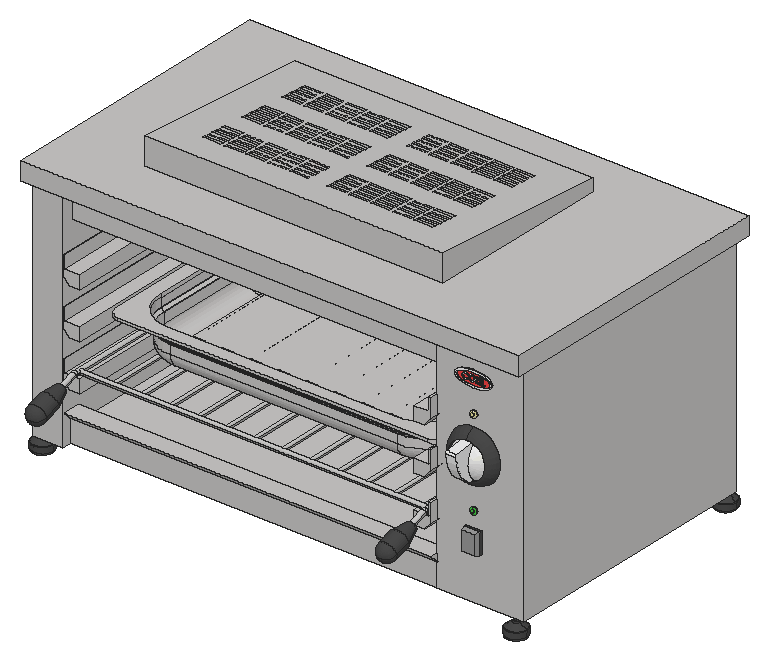
Revit family "QF_COZIL_SLEC-80", category Equipamento especial, Revit 2020
Family settings
  Cota do conector redondo = Utilizar diâmetro
  Tipo de parte = Normal
  Número OmniClass = 23.40.40.14.17.11
  Título OmniClass = Cookers, Ovens, Stoves
  Com base no plano de trabalho = Não
  Sempre na vertical = Sim
  Corte com vazios quando carregada = Não
  Compartilhado = Não
  Ponto de cálculo do ambiente = Não
Parameters (values of type "SLEC-80")
  Weight [instance] = 20.00 kg
  Watts [instance] = 1000 W
  Volts [instance] = 220 V
  URL = "https://cozil.com.br/"
  Modelo = "SLEC-80"
  Fabricante = "COZIL"
  Elevação padrão = 0 mm
  Descrição = "SALAMANDRA ELETRICA COZIL MED.:800X450X400 POTENCIA 1700W - 220V- MONOFASICO"
  Consumption in kW/h = "1.0 kW/h"
  Type Comments = ""
  Specification by User [instance] = ""
  Specification by Manufacturer [instance] = ""
  Show Logo [instance] = yes
  Show Clearances [instance] = yes
  Serial Number [instance] = ""
  Seismic Rating [instance] = ""
  SMACNA No [instance] = ""
  Revision Code [instance] = ""
  Phase [instance] = 2
  Operational Current [instance] = 11.6 A
  NAFEM Spec ID Number [instance] = ""
  Masterspec [instance] = ""
  Length Actual [instance] = 800 mm
  Item Number [instance] = ""
  Installed By [instance] = ""
  Ingress Protection Code [instance] = "IPX4"
  Identify Quantity as Lot [instance] = yes
  Height Actual [instance] = 460 mm
  Foodservice Equipment Identifier [instance] = yes
  Elec Conn Connection Height [instance] = 0 mm
  Depth Actual [instance] = 450 mm
  Cycle [instance] = 60 Hz
  Capacity = "GN 1/1"
  Accessory [instance] = yes
Reference planes
  plane 1 "Centro (Frontal/Traseira)": y = 0
  plane 2: z = 0
  plane 3 "Centro (Esquerda/Direita)": x = 0
  plane 4: y = -74
  plane 5: x = 800
  plane 6: y = -460
  plane 7: x = 131.242
  plane 8: x = 609.242
  plane 9: y = -374
  plane 10: z = 20
  plane 11: z = 460
  plane 12: z = 416.366
  plane 13: x = 60
  plane 14: x = 650
  plane 15: x = 355
  plane 16: y = -20
  plane 17: y = -440
  plane 18: x = 20
  plane 19: x = 780
  plane 20: x = 789
  plane 21: x = 11
Forms (mm)
  Extrusion 1, solid, material "QF_Metal_Stainless Steel"
    sketch origin (0, 0, 0) x (0, 1, 0) y (0, 0, 1)
      loop
        line (0, 386.366) -> (0, 416.366) -> (-460, 416.366) -> (-460, 386.366) -> (0, 386.366)
    from 0 to 800
  Extrusion 2, solid, material "QF_Metal_Stainless Steel"
    sketch origin (0, 0, 0) x (0, 1, 0) y (0, 0, 1)
      loop
        line (-11, 20) -> (-11, 386.366) -> (-449, 386.366) -> (-449, 20) -> (-11, 20)
    from 11 to 60
  Extrusion 3, solid, material "QF_Metal_Stainless Steel"
    sketch origin (60, 0, 0) x (0, 1, 0) y (0, 0, 1)
      loop
        line (-11, 386.366) -> (-432, 386.366) -> (-432, 341.366) -> (-11, 341.366) -> (-11, 386.366)
    from 0 to 590
  Extrusion 4, solid, material "QF_Metal_Stainless Steel"
    sketch origin (650, 0, 0) x (0, 1, 0) y (0, 0, 1)
      loop
        line (-11, 386.366) -> (-437, 386.366) -> (-437, 20) -> (-11, 20) -> (-11, 386.366)
    from 0 to 139
  Extrusion 5, solid, material "QF_Metal_Stainless Steel"
    sketch origin (60, 0, 0) x (0, 1, 0) y (0, 0, 1)
      loop
        line (-435, 20) -> (-75, 20) -> (-75, 45) -> (-420, 45) -> (-420, 70) -> (-449, 70) -> (-435, 56) -> (-435, 20)
    from 0 to 590
  Extrusion 6, solid, material "QF_Metal_Stainless Steel"
    sketch origin (650, 0, 0) x (0, -1, 0) y (0, 0, 1)
      loop
        line (11, 20) -> (75, 20) -> (75, 341.366) -> (11, 341.366) -> (11, 20)
    from 0 to 590
  Extrusion 7, solid, material "QF_Metal_Stainless Steel"
    sketch origin (650, -75, 20) x (0, 0, 1) y (-1, 0, 0)
      loop
        line (278.266, 590) -> (248.128, 590) -> (236.266, 580.046) -> (236.266, 563) -> (258.266, 563) -> (258.266, 587) -> (278.266, 587) -> (278.266, 590)
      loop
        line (203.266, 590) -> (173.128, 590) -> (161.266, 580.046) -> (161.266, 563) -> (183.266, 563) -> (183.266, 587) -> (203.266, 587) -> (203.266, 590)
      loop
        line (128.266, 590) -> (98.128, 590) -> (86.266, 580.046) -> (86.266, 563) -> (108.266, 563) -> (108.266, 587) -> (128.266, 587) -> (128.266, 590)
      loop
        line (278.266, 0) -> (278.266, 3) -> (258.266, 3) -> (258.266, 27) -> (236.266, 27) -> (236.266, 9.954) -> (248.128, 0) -> (278.266, 0)
      loop
        line (203.266, 0) -> (203.266, 3) -> (183.266, 3) -> (183.266, 27) -> (161.266, 27) -> (161.266, 9.954) -> (173.128, 0) -> (203.266, 0)
      loop
        line (128.266, 0) -> (128.266, 3) -> (108.266, 3) -> (108.266, 27) -> (86.266, 27) -> (86.266, 9.954) -> (98.128, 0) -> (128.266, 0)
    from 0 to 374
  Extrusion 8, solid, material "QF_Metal_Stainless Steel"
    sketch origin (0, 0, 0) x (0, 1, 0) y (0, 0, 1)
      loop
        line (-374, 416.366) -> (-74, 416.366) -> (-74, 436.366) -> (-374, 460) -> (-374, 416.366)
    from 131.242 to 609.242
  Extrusion 9, void
    sketch origin (0, -460, 416.366) x (0, 1, 0) y (-1, 0, 0)
      loop
        line (338.5, -185.242) -> (333.5, -185.242) -> (333.5, -215.242) -> (338.5, -215.242) -> (338.5, -185.242)
      loop
        line (338.5, -220.242) -> (333.5, -220.242) -> (333.5, -250.242) -> (338.5, -250.242) -> (338.5, -220.242)
      loop
        line (338.5, -255.242) -> (333.5, -255.242) -> (333.5, -285.242) -> (338.5, -285.242) -> (338.5, -255.242)
      loop
        line (338.5, -290.242) -> (333.5, -290.242) -> (333.5, -320.242) -> (338.5, -320.242) -> (338.5, -290.242)
      loop
        line (338.5, -325.242) -> (333.5, -325.242) -> (333.5, -355.242) -> (338.5, -355.242) -> (338.5, -325.242)
      loop
        line (328.5, -185.242) -> (323.5, -185.242) -> (323.5, -215.242) -> (328.5, -215.242) -> (328.5, -185.242)
      loop
        line (328.5, -220.242) -> (323.5, -220.242) -> (323.5, -250.242) -> (328.5, -250.242) -> (328.5, -220.242)
      loop
        line (328.5, -255.242) -> (323.5, -255.242) -> (323.5, -285.242) -> (328.5, -285.242) -> (328.5, -255.242)
      loop
        line (328.5, -290.242) -> (323.5, -290.242) -> (323.5, -320.242) -> (328.5, -320.242) -> (328.5, -290.242)
      loop
        line (328.5, -325.242) -> (323.5, -325.242) -> (323.5, -355.242) -> (328.5, -355.242) -> (328.5, -325.242)
      loop
        line (318.5, -185.242) -> (313.5, -185.242) -> (313.5, -215.242) -> (318.5, -215.242) -> (318.5, -185.242)
      loop
        line (318.5, -220.242) -> (313.5, -220.242) -> (313.5, -250.242) -> (318.5, -250.242) -> (318.5, -220.242)
      loop
        line (318.5, -255.242) -> (313.5, -255.242) -> (313.5, -285.242) -> (318.5, -285.242) -> (318.5, -255.242)
      loop
        line (318.5, -290.242) -> (313.5, -290.242) -> (313.5, -320.242) -> (318.5, -320.242) -> (318.5, -290.242)
      loop
        line (318.5, -325.242) -> (313.5, -325.242) -> (313.5, -355.242) -> (318.5, -355.242) -> (318.5, -325.242)
      loop
        line (308.5, -185.242) -> (303.5, -185.242) -> (303.5, -215.242) -> (308.5, -215.242) -> (308.5, -185.242)
      loop
        line (308.5, -220.242) -> (303.5, -220.242) -> (303.5, -250.242) -> (308.5, -250.242) -> (308.5, -220.242)
      loop
        line (308.5, -255.242) -> (303.5, -255.242) -> (303.5, -285.242) -> (308.5, -285.242) -> (308.5, -255.242)
      loop
        line (308.5, -290.242) -> (303.5, -290.242) -> (303.5, -320.242) -> (308.5, -320.242) -> (308.5, -290.242)
      loop
        line (308.5, -325.242) -> (303.5, -325.242) -> (303.5, -355.242) -> (308.5, -355.242) -> (308.5, -325.242)
      loop
        line (298.5, -185.242) -> (293.5, -185.242) -> (293.5, -215.242) -> (298.5, -215.242) -> (298.5, -185.242)
      loop
        line (298.5, -220.242) -> (293.5, -220.242) -> (293.5, -250.242) -> (298.5, -250.242) -> (298.5, -220.242)
      loop
        line (298.5, -255.242) -> (293.5, -255.242) -> (293.5, -285.242) -> (298.5, -285.242) -> (298.5, -255.242)
      loop
        line (298.5, -290.242) -> (293.5, -290.242) -> (293.5, -320.242) -> (298.5, -320.242) -> (298.5, -290.242)
      loop
        line (298.5, -325.242) -> (293.5, -325.242) -> (293.5, -355.242) -> (298.5, -355.242) -> (298.5, -325.242)
      loop
        line (338.5, -385.242) -> (333.5, -385.242) -> (333.5, -415.242) -> (338.5, -415.242) -> (338.5, -385.242)
      loop
        line (338.5, -420.242) -> (333.5, -420.242) -> (333.5, -450.242) -> (338.5, -450.242) -> (338.5, -420.242)
      loop
        line (338.5, -455.242) -> (333.5, -455.242) -> (333.5, -485.242) -> (338.5, -485.242) -> (338.5, -455.242)
      loop
        line (338.5, -490.242) -> (333.5, -490.242) -> (333.5, -520.242) -> (338.5, -520.242) -> (338.5, -490.242)
      loop
        line (338.5, -525.242) -> (333.5, -525.242) -> (333.5, -555.242) -> (338.5, -555.242) -> (338.5, -525.242)
      loop
        line (328.5, -385.242) -> (323.5, -385.242) -> (323.5, -415.242) -> (328.5, -415.242) -> (328.5, -385.242)
      loop
        line (328.5, -420.242) -> (323.5, -420.242) -> (323.5, -450.242) -> (328.5, -450.242) -> (328.5, -420.242)
      loop
        line (328.5, -455.242) -> (323.5, -455.242) -> (323.5, -485.242) -> (328.5, -485.242) -> (328.5, -455.242)
      loop
        line (328.5, -490.242) -> (323.5, -490.242) -> (323.5, -520.242) -> (328.5, -520.242) -> (328.5, -490.242)
      loop
        line (328.5, -525.242) -> (323.5, -525.242) -> (323.5, -555.242) -> (328.5, -555.242) -> (328.5, -525.242)
      loop
        line (318.5, -385.242) -> (313.5, -385.242) -> (313.5, -415.242) -> (318.5, -415.242) -> (318.5, -385.242)
      loop
        line (318.5, -420.242) -> (313.5, -420.242) -> (313.5, -450.242) -> (318.5, -450.242) -> (318.5, -420.242)
      loop
        line (318.5, -455.242) -> (313.5, -455.242) -> (313.5, -485.242) -> (318.5, -485.242) -> (318.5, -455.242)
      loop
        line (318.5, -490.242) -> (313.5, -490.242) -> (313.5, -520.242) -> (318.5, -520.242) -> (318.5, -490.242)
      loop
        line (318.5, -525.242) -> (313.5, -525.242) -> (313.5, -555.242) -> (318.5, -555.242) -> (318.5, -525.242)
      loop
        line (308.5, -385.242) -> (303.5, -385.242) -> (303.5, -415.242) -> (308.5, -415.242) -> (308.5, -385.242)
      loop
        line (308.5, -420.242) -> (303.5, -420.242) -> (303.5, -450.242) -> (308.5, -450.242) -> (308.5, -420.242)
      loop
        line (308.5, -455.242) -> (303.5, -455.242) -> (303.5, -485.242) -> (308.5, -485.242) -> (308.5, -455.242)
      loop
        line (308.5, -490.242) -> (303.5, -490.242) -> (303.5, -520.242) -> (308.5, -520.242) -> (308.5, -490.242)
      loop
        line (308.5, -525.242) -> (303.5, -525.242) -> (303.5, -555.242) -> (308.5, -555.242) -> (308.5, -525.242)
      loop
        line (298.5, -385.242) -> (293.5, -385.242) -> (293.5, -415.242) -> (298.5, -415.242) -> (298.5, -385.242)
      loop
        line (298.5, -420.242) -> (293.5, -420.242) -> (293.5, -450.242) -> (298.5, -450.242) -> (298.5, -420.242)
      loop
        line (298.5, -455.242) -> (293.5, -455.242) -> (293.5, -485.242) -> (298.5, -485.242) -> (298.5, -455.242)
      loop
        line (298.5, -490.242) -> (293.5, -490.242) -> (293.5, -520.242) -> (298.5, -520.242) -> (298.5, -490.242)
      loop
        line (298.5, -525.242) -> (293.5, -525.242) -> (293.5, -555.242) -> (298.5, -555.242) -> (298.5, -525.242)
      loop
        line (258.5, -185.242) -> (253.5, -185.242) -> (253.5, -215.242) -> (258.5, -215.242) -> (258.5, -185.242)
      loop
        line (258.5, -220.242) -> (253.5, -220.242) -> (253.5, -250.242) -> (258.5, -250.242) -> (258.5, -220.242)
      loop
        line (258.5, -255.242) -> (253.5, -255.242) -> (253.5, -285.242) -> (258.5, -285.242) -> (258.5, -255.242)
      loop
        line (258.5, -290.242) -> (253.5, -290.242) -> (253.5, -320.242) -> (258.5, -320.242) -> (258.5, -290.242)
      loop
        line (258.5, -325.242) -> (253.5, -325.242) -> (253.5, -355.242) -> (258.5, -355.242) -> (258.5, -325.242)
      loop
        line (248.5, -185.242) -> (243.5, -185.242) -> (243.5, -215.242) -> (248.5, -215.242) -> (248.5, -185.242)
      loop
        line (248.5, -220.242) -> (243.5, -220.242) -> (243.5, -250.242) -> (248.5, -250.242) -> (248.5, -220.242)
      loop
        line (248.5, -255.242) -> (243.5, -255.242) -> (243.5, -285.242) -> (248.5, -285.242) -> (248.5, -255.242)
      loop
        line (248.5, -290.242) -> (243.5, -290.242) -> (243.5, -320.242) -> (248.5, -320.242) -> (248.5, -290.242)
      loop
        line (248.5, -325.242) -> (243.5, -325.242) -> (243.5, -355.242) -> (248.5, -355.242) -> (248.5, -325.242)
      loop
        line (238.5, -185.242) -> (233.5, -185.242) -> (233.5, -215.242) -> (238.5, -215.242) -> (238.5, -185.242)
      loop
        line (238.5, -220.242) -> (233.5, -220.242) -> (233.5, -250.242) -> (238.5, -250.242) -> (238.5, -220.242)
      loop
        line (238.5, -255.242) -> (233.5, -255.242) -> (233.5, -285.242) -> (238.5, -285.242) -> (238.5, -255.242)
      loop
        line (238.5, -290.242) -> (233.5, -290.242) -> (233.5, -320.242) -> (238.5, -320.242) -> (238.5, -290.242)
      loop
        line (238.5, -325.242) -> (233.5, -325.242) -> (233.5, -355.242) -> (238.5, -355.242) -> (238.5, -325.242)
      loop
        line (228.5, -185.242) -> (223.5, -185.242) -> (223.5, -215.242) -> (228.5, -215.242) -> (228.5, -185.242)
      loop
        line (228.5, -220.242) -> (223.5, -220.242) -> (223.5, -250.242) -> (228.5, -250.242) -> (228.5, -220.242)
      loop
        line (228.5, -255.242) -> (223.5, -255.242) -> (223.5, -285.242) -> (228.5, -285.242) -> (228.5, -255.242)
      loop
        line (228.5, -290.242) -> (223.5, -290.242) -> (223.5, -320.242) -> (228.5, -320.242) -> (228.5, -290.242)
      loop
        line (228.5, -325.242) -> (223.5, -325.242) -> (223.5, -355.242) -> (228.5, -355.242) -> (228.5, -325.242)
      loop
        line (218.5, -185.242) -> (213.5, -185.242) -> (213.5, -215.242) -> (218.5, -215.242) -> (218.5, -185.242)
      loop
        line (218.5, -220.242) -> (213.5, -220.242) -> (213.5, -250.242) -> (218.5, -250.242) -> (218.5, -220.242)
      loop
        line (218.5, -255.242) -> (213.5, -255.242) -> (213.5, -285.242) -> (218.5, -285.242) -> (218.5, -255.242)
      loop
        line (218.5, -290.242) -> (213.5, -290.242) -> (213.5, -320.242) -> (218.5, -320.242) -> (218.5, -290.242)
      loop
        line (218.5, -325.242) -> (213.5, -325.242) -> (213.5, -355.242) -> (218.5, -355.242) -> (218.5, -325.242)
      loop
        line (258.5, -385.242) -> (253.5, -385.242) -> (253.5, -415.242) -> (258.5, -415.242) -> (258.5, -385.242)
      loop
        line (258.5, -420.242) -> (253.5, -420.242) -> (253.5, -450.242) -> (258.5, -450.242) -> (258.5, -420.242)
      loop
        line (258.5, -455.242) -> (253.5, -455.242) -> (253.5, -485.242) -> (258.5, -485.242) -> (258.5, -455.242)
      loop
        line (258.5, -490.242) -> (253.5, -490.242) -> (253.5, -520.242) -> (258.5, -520.242) -> (258.5, -490.242)
      loop
        line (258.5, -525.242) -> (253.5, -525.242) -> (253.5, -555.242) -> (258.5, -555.242) -> (258.5, -525.242)
      loop
        line (248.5, -385.242) -> (243.5, -385.242) -> (243.5, -415.242) -> (248.5, -415.242) -> (248.5, -385.242)
      loop
        line (248.5, -420.242) -> (243.5, -420.242) -> (243.5, -450.242) -> (248.5, -450.242) -> (248.5, -420.242)
      loop
        line (248.5, -455.242) -> (243.5, -455.242) -> (243.5, -485.242) -> (248.5, -485.242) -> (248.5, -455.242)
      loop
        line (248.5, -490.242) -> (243.5, -490.242) -> (243.5, -520.242) -> (248.5, -520.242) -> (248.5, -490.242)
      loop
        line (248.5, -525.242) -> (243.5, -525.242) -> (243.5, -555.242) -> (248.5, -555.242) -> (248.5, -525.242)
      loop
        line (238.5, -385.242) -> (233.5, -385.242) -> (233.5, -415.242) -> (238.5, -415.242) -> (238.5, -385.242)
      loop
        line (238.5, -420.242) -> (233.5, -420.242) -> (233.5, -450.242) -> (238.5, -450.242) -> (238.5, -420.242)
      loop
        line (238.5, -455.242) -> (233.5, -455.242) -> (233.5, -485.242) -> (238.5, -485.242) -> (238.5, -455.242)
      loop
        line (238.5, -490.242) -> (233.5, -490.242) -> (233.5, -520.242) -> (238.5, -520.242) -> (238.5, -490.242)
      loop
        line (238.5, -525.242) -> (233.5, -525.242) -> (233.5, -555.242) -> (238.5, -555.242) -> (238.5, -525.242)
      loop
        line (228.5, -385.242) -> (223.5, -385.242) -> (223.5, -415.242) -> (228.5, -415.242) -> (228.5, -385.242)
      loop
        line (228.5, -420.242) -> (223.5, -420.242) -> (223.5, -450.242) -> (228.5, -450.242) -> (228.5, -420.242)
      loop
        line (228.5, -455.242) -> (223.5, -455.242) -> (223.5, -485.242) -> (228.5, -485.242) -> (228.5, -455.242)
      loop
        line (228.5, -490.242) -> (223.5, -490.242) -> (223.5, -520.242) -> (228.5, -520.242) -> (228.5, -490.242)
      loop
        line (228.5, -525.242) -> (223.5, -525.242) -> (223.5, -555.242) -> (228.5, -555.242) -> (228.5, -525.242)
      loop
        line (218.5, -385.242) -> (213.5, -385.242) -> (213.5, -415.242) -> (218.5, -415.242) -> (218.5, -385.242)
      loop
        line (218.5, -420.242) -> (213.5, -420.242) -> (213.5, -450.242) -> (218.5, -450.242) -> (218.5, -420.242)
      loop
        line (218.5, -455.242) -> (213.5, -455.242) -> (213.5, -485.242) -> (218.5, -485.242) -> (218.5, -455.242)
      loop
        line (218.5, -490.242) -> (213.5, -490.242) -> (213.5, -520.242) -> (218.5, -520.242) -> (218.5, -490.242)
      loop
        line (218.5, -525.242) -> (213.5, -525.242) -> (213.5, -555.242) -> (218.5, -555.242) -> (218.5, -525.242)
      loop
        line (178.5, -185.242) -> (173.5, -185.242) -> (173.5, -215.242) -> (178.5, -215.242) -> (178.5, -185.242)
      loop
        line (178.5, -220.242) -> (173.5, -220.242) -> (173.5, -250.242) -> (178.5, -250.242) -> (178.5, -220.242)
      loop
        line (178.5, -255.242) -> (173.5, -255.242) -> (173.5, -285.242) -> (178.5, -285.242) -> (178.5, -255.242)
      loop
        line (178.5, -290.242) -> (173.5, -290.242) -> (173.5, -320.242) -> (178.5, -320.242) -> (178.5, -290.242)
      loop
        line (178.5, -325.242) -> (173.5, -325.242) -> (173.5, -355.242) -> (178.5, -355.242) -> (178.5, -325.242)
      loop
        line (168.5, -185.242) -> (163.5, -185.242) -> (163.5, -215.242) -> (168.5, -215.242) -> (168.5, -185.242)
      loop
        line (168.5, -220.242) -> (163.5, -220.242) -> (163.5, -250.242) -> (168.5, -250.242) -> (168.5, -220.242)
      loop
        line (168.5, -255.242) -> (163.5, -255.242) -> (163.5, -285.242) -> (168.5, -285.242) -> (168.5, -255.242)
      loop
        line (168.5, -290.242) -> (163.5, -290.242) -> (163.5, -320.242) -> (168.5, -320.242) -> (168.5, -290.242)
      loop
        line (168.5, -325.242) -> (163.5, -325.242) -> (163.5, -355.242) -> (168.5, -355.242) -> (168.5, -325.242)
      loop
        line (158.5, -185.242) -> (153.5, -185.242) -> (153.5, -215.242) -> (158.5, -215.242) -> (158.5, -185.242)
      loop
        line (158.5, -220.242) -> (153.5, -220.242) -> (153.5, -250.242) -> (158.5, -250.242) -> (158.5, -220.242)
      loop
        line (158.5, -255.242) -> (153.5, -255.242) -> (153.5, -285.242) -> (158.5, -285.242) -> (158.5, -255.242)
      loop
        line (158.5, -290.242) -> (153.5, -290.242) -> (153.5, -320.242) -> (158.5, -320.242) -> (158.5, -290.242)
      loop
        line (158.5, -325.242) -> (153.5, -325.242) -> (153.5, -355.242) -> (158.5, -355.242) -> (158.5, -325.242)
      loop
        line (148.5, -185.242) -> (143.5, -185.242) -> (143.5, -215.242) -> (148.5, -215.242) -> (148.5, -185.242)
      loop
        line (148.5, -220.242) -> (143.5, -220.242) -> (143.5, -250.242) -> (148.5, -250.242) -> (148.5, -220.242)
      loop
        line (148.5, -255.242) -> (143.5, -255.242) -> (143.5, -285.242) -> (148.5, -285.242) -> (148.5, -255.242)
      loop
        line (148.5, -290.242) -> (143.5, -290.242) -> (143.5, -320.242) -> (148.5, -320.242) -> (148.5, -290.242)
      loop
        line (148.5, -325.242) -> (143.5, -325.242) -> (143.5, -355.242) -> (148.5, -355.242) -> (148.5, -325.242)
      loop
        line (138.5, -185.242) -> (133.5, -185.242) -> (133.5, -215.242) -> (138.5, -215.242) -> (138.5, -185.242)
      loop
        line (138.5, -220.242) -> (133.5, -220.242) -> (133.5, -250.242) -> (138.5, -250.242) -> (138.5, -220.242)
      loop
        line (138.5, -255.242) -> (133.5, -255.242) -> (133.5, -285.242) -> (138.5, -285.242) -> (138.5, -255.242)
      loop
        line (138.5, -290.242) -> (133.5, -290.242) -> (133.5, -320.242) -> (138.5, -320.242) -> (138.5, -290.242)
      loop
        line (138.5, -325.242) -> (133.5, -325.242) -> (133.5, -355.242) -> (138.5, -355.242) -> (138.5, -325.242)
      loop
        line (178.5, -385.242) -> (173.5, -385.242) -> (173.5, -415.242) -> (178.5, -415.242) -> (178.5, -385.242)
      loop
        line (178.5, -420.242) -> (173.5, -420.242) -> (173.5, -450.242) -> (178.5, -450.242) -> (178.5, -420.242)
      loop
        line (178.5, -455.242) -> (173.5, -455.242) -> (173.5, -485.242) -> (178.5, -485.242) -> (178.5, -455.242)
      loop
        line (178.5, -490.242) -> (173.5, -490.242) -> (173.5, -520.242) -> (178.5, -520.242) -> (178.5, -490.242)
      loop
        line (178.5, -525.242) -> (173.5, -525.242) -> (173.5, -555.242) -> (178.5, -555.242) -> (178.5, -525.242)
      loop
        line (168.5, -385.242) -> (163.5, -385.242) -> (163.5, -415.242) -> (168.5, -415.242) -> (168.5, -385.242)
      loop
        line (168.5, -420.242) -> (163.5, -420.242) -> (163.5, -450.242) -> (168.5, -450.242) -> (168.5, -420.242)
      loop
        line (168.5, -455.242) -> (163.5, -455.242) -> (163.5, -485.242) -> (168.5, -485.242) -> (168.5, -455.242)
      loop
        line (168.5, -490.242) -> (163.5, -490.242) -> (163.5, -520.242) -> (168.5, -520.242) -> (168.5, -490.242)
      loop
        line (168.5, -525.242) -> (163.5, -525.242) -> (163.5, -555.242) -> (168.5, -555.242) -> (168.5, -525.242)
      loop
        line (158.5, -385.242) -> (153.5, -385.242) -> (153.5, -415.242) -> (158.5, -415.242) -> (158.5, -385.242)
      loop
        line (158.5, -420.242) -> (153.5, -420.242) -> (153.5, -450.242) -> (158.5, -450.242) -> (158.5, -420.242)
      loop
        line (158.5, -455.242) -> (153.5, -455.242) -> (153.5, -485.242) -> (158.5, -485.242) -> (158.5, -455.242)
      loop
        line (158.5, -490.242) -> (153.5, -490.242) -> (153.5, -520.242) -> (158.5, -520.242) -> (158.5, -490.242)
      loop
        line (158.5, -525.242) -> (153.5, -525.242) -> (153.5, -555.242) -> (158.5, -555.242) -> (158.5, -525.242)
      loop
        line (148.5, -385.242) -> (143.5, -385.242) -> (143.5, -415.242) -> (148.5, -415.242) -> (148.5, -385.242)
      loop
        line (148.5, -420.242) -> (143.5, -420.242) -> (143.5, -450.242) -> (148.5, -450.242) -> (148.5, -420.242)
      loop
        line (148.5, -455.242) -> (143.5, -455.242) -> (143.5, -485.242) -> (148.5, -485.242) -> (148.5, -455.242)
      loop
        line (148.5, -490.242) -> (143.5, -490.242) -> (143.5, -520.242) -> (148.5, -520.242) -> (148.5, -490.242)
      loop
        line (148.5, -525.242) -> (143.5, -525.242) -> (143.5, -555.242) -> (148.5, -555.242) -> (148.5, -525.242)
      loop
        line (138.5, -385.242) -> (133.5, -385.242) -> (133.5, -415.242) -> (138.5, -415.242) -> (138.5, -385.242)
      loop
        line (138.5, -420.242) -> (133.5, -420.242) -> (133.5, -450.242) -> (138.5, -450.242) -> (138.5, -420.242)
      loop
        line (138.5, -455.242) -> (133.5, -455.242) -> (133.5, -485.242) -> (138.5, -485.242) -> (138.5, -455.242)
      loop
        line (138.5, -490.242) -> (133.5, -490.242) -> (133.5, -520.242) -> (138.5, -520.242) -> (138.5, -490.242)
      loop
        line (138.5, -525.242) -> (133.5, -525.242) -> (133.5, -555.242) -> (138.5, -555.242) -> (138.5, -525.242)
    from 0 to 43.634
  Extrusion 10, solid, material "QF_Metal_Stainless Steel"
    sketch origin (0, -11, 386.366) x (0, 0, -1) y (-1, 0, 0)
      loop
        circle (297.166, -734) r 9.525
    from 0 to 6.35
Cuts and joins
  joined: Extrusion 2, Extrusion 3, Extrusion 4, Extrusion 6
  Extrusion 9 cuts Extrusion 8
  joined: Extrusion 1, Extrusion 8
Lines and regions (mm)
  symbolic lines
    curve 1: line (0, 0, 0) -> (800, 0, 0)
    curve 2: line (0, -460, 0) -> (0, 0, 0)
    curve 3: line (800, -460, 0) -> (0, -460, 0)
    curve 4: line (800, 0, 0) -> (800, -460, 0)
    curve 5: line (131.242, -74, 0) -> (609.242, -74, 0)
    curve 6: line (131.242, -374, 0) -> (131.242, -74, 0)
    curve 7: line (609.242, -374, 0) -> (131.242, -374, 0)
    curve 8: line (609.242, -74, 0) -> (609.242, -374, 0)
    curve 9: line (185.242, -121.5, 0) -> (215.242, -121.5, 0)
    curve 10: line (185.242, -126.5, 0) -> (185.242, -121.5, 0)
    curve 11: line (215.242, -126.5, 0) -> (185.242, -126.5, 0)
    curve 12: line (215.242, -121.5, 0) -> (215.242, -126.5, 0)
    curve 13: line (220.242, -121.5, 0) -> (250.242, -121.5, 0)
    curve 14: line (220.242, -126.5, 0) -> (220.242, -121.5, 0)
    curve 15: line (250.242, -126.5, 0) -> (220.242, -126.5, 0)
    curve 16: line (250.242, -121.5, 0) -> (250.242, -126.5, 0)
    curve 17: line (255.242, -121.5, 0) -> (285.242, -121.5, 0)
    curve 18: line (255.242, -126.5, 0) -> (255.242, -121.5, 0)
    curve 19: line (285.242, -126.5, 0) -> (255.242, -126.5, 0)
    curve 20: line (285.242, -121.5, 0) -> (285.242, -126.5, 0)
    curve 21: line (290.242, -121.5, 0) -> (320.242, -121.5, 0)
    curve 22: line (290.242, -126.5, 0) -> (290.242, -121.5, 0)
    curve 23: line (320.242, -126.5, 0) -> (290.242, -126.5, 0)
    curve 24: line (320.242, -121.5, 0) -> (320.242, -126.5, 0)
    curve 25: line (325.242, -121.5, 0) -> (355.242, -121.5, 0)
    curve 26: line (325.242, -126.5, 0) -> (325.242, -121.5, 0)
    curve 27: line (355.242, -126.5, 0) -> (325.242, -126.5, 0)
    curve 28: line (355.242, -121.5, 0) -> (355.242, -126.5, 0)
    curve 29: line (185.242, -131.5, 0) -> (215.242, -131.5, 0)
    curve 30: line (185.242, -136.5, 0) -> (185.242, -131.5, 0)
    curve 31: line (215.242, -136.5, 0) -> (185.242, -136.5, 0)
    curve 32: line (215.242, -131.5, 0) -> (215.242, -136.5, 0)
    curve 33: line (220.242, -131.5, 0) -> (250.242, -131.5, 0)
    curve 34: line (220.242, -136.5, 0) -> (220.242, -131.5, 0)
    curve 35: line (250.242, -136.5, 0) -> (220.242, -136.5, 0)
    curve 36: line (250.242, -131.5, 0) -> (250.242, -136.5, 0)
    curve 37: line (255.242, -131.5, 0) -> (285.242, -131.5, 0)
    curve 38: line (255.242, -136.5, 0) -> (255.242, -131.5, 0)
    curve 39: line (285.242, -136.5, 0) -> (255.242, -136.5, 0)
    curve 40: line (285.242, -131.5, 0) -> (285.242, -136.5, 0)
    curve 41: line (290.242, -131.5, 0) -> (320.242, -131.5, 0)
    curve 42: line (290.242, -136.5, 0) -> (290.242, -131.5, 0)
    curve 43: line (320.242, -136.5, 0) -> (290.242, -136.5, 0)
    curve 44: line (320.242, -131.5, 0) -> (320.242, -136.5, 0)
    curve 45: line (325.242, -131.5, 0) -> (355.242, -131.5, 0)
    curve 46: line (325.242, -136.5, 0) -> (325.242, -131.5, 0)
    curve 47: line (355.242, -136.5, 0) -> (325.242, -136.5, 0)
    curve 48: line (355.242, -131.5, 0) -> (355.242, -136.5, 0)
    curve 49: line (185.242, -141.5, 0) -> (215.242, -141.5, 0)
    curve 50: line (185.242, -146.5, 0) -> (185.242, -141.5, 0)
    curve 51: line (215.242, -146.5, 0) -> (185.242, -146.5, 0)
    curve 52: line (215.242, -141.5, 0) -> (215.242, -146.5, 0)
    curve 53: line (220.242, -141.5, 0) -> (250.242, -141.5, 0)
    curve 54: line (220.242, -146.5, 0) -> (220.242, -141.5, 0)
    curve 55: line (250.242, -146.5, 0) -> (220.242, -146.5, 0)
    curve 56: line (250.242, -141.5, 0) -> (250.242, -146.5, 0)
    curve 57: line (255.242, -141.5, 0) -> (285.242, -141.5, 0)
    curve 58: line (255.242, -146.5, 0) -> (255.242, -141.5, 0)
    curve 59: line (285.242, -146.5, 0) -> (255.242, -146.5, 0)
    curve 60: line (285.242, -141.5, 0) -> (285.242, -146.5, 0)
    curve 61: line (290.242, -141.5, 0) -> (320.242, -141.5, 0)
    curve 62: line (290.242, -146.5, 0) -> (290.242, -141.5, 0)
    curve 63: line (320.242, -146.5, 0) -> (290.242, -146.5, 0)
    curve 64: line (320.242, -141.5, 0) -> (320.242, -146.5, 0)
    curve 65: line (325.242, -141.5, 0) -> (355.242, -141.5, 0)
    curve 66: line (325.242, -146.5, 0) -> (325.242, -141.5, 0)
    curve 67: line (355.242, -146.5, 0) -> (325.242, -146.5, 0)
    curve 68: line (355.242, -141.5, 0) -> (355.242, -146.5, 0)
    curve 69: line (185.242, -151.5, 0) -> (215.242, -151.5, 0)
    curve 70: line (185.242, -156.5, 0) -> (185.242, -151.5, 0)
    curve 71: line (215.242, -156.5, 0) -> (185.242, -156.5, 0)
    curve 72: line (215.242, -151.5, 0) -> (215.242, -156.5, 0)
    curve 73: line (220.242, -151.5, 0) -> (250.242, -151.5, 0)
    curve 74: line (220.242, -156.5, 0) -> (220.242, -151.5, 0)
    curve 75: line (250.242, -156.5, 0) -> (220.242, -156.5, 0)
    curve 76: line (250.242, -151.5, 0) -> (250.242, -156.5, 0)
    curve 77: line (255.242, -151.5, 0) -> (285.242, -151.5, 0)
    curve 78: line (255.242, -156.5, 0) -> (255.242, -151.5, 0)
    curve 79: line (285.242, -156.5, 0) -> (255.242, -156.5, 0)
    curve 80: line (285.242, -151.5, 0) -> (285.242, -156.5, 0)
    curve 81: line (290.242, -151.5, 0) -> (320.242, -151.5, 0)
    curve 82: line (290.242, -156.5, 0) -> (290.242, -151.5, 0)
    curve 83: line (320.242, -156.5, 0) -> (290.242, -156.5, 0)
    curve 84: line (320.242, -151.5, 0) -> (320.242, -156.5, 0)
    curve 85: line (325.242, -151.5, 0) -> (355.242, -151.5, 0)
    curve 86: line (325.242, -156.5, 0) -> (325.242, -151.5, 0)
    curve 87: line (355.242, -156.5, 0) -> (325.242, -156.5, 0)
    curve 88: line (355.242, -151.5, 0) -> (355.242, -156.5, 0)
    curve 89: line (185.242, -161.5, 0) -> (215.242, -161.5, 0)
    curve 90: line (185.242, -166.5, 0) -> (185.242, -161.5, 0)
    curve 91: line (215.242, -166.5, 0) -> (185.242, -166.5, 0)
    curve 92: line (215.242, -161.5, 0) -> (215.242, -166.5, 0)
    curve 93: line (220.242, -161.5, 0) -> (250.242, -161.5, 0)
    curve 94: line (220.242, -166.5, 0) -> (220.242, -161.5, 0)
    curve 95: line (250.242, -166.5, 0) -> (220.242, -166.5, 0)
    curve 96: line (250.242, -161.5, 0) -> (250.242, -166.5, 0)
    curve 97: line (255.242, -161.5, 0) -> (285.242, -161.5, 0)
    curve 98: line (255.242, -166.5, 0) -> (255.242, -161.5, 0)
    curve 99: line (285.242, -166.5, 0) -> (255.242, -166.5, 0)
    curve 100: line (285.242, -161.5, 0) -> (285.242, -166.5, 0)
    curve 101: line (290.242, -161.5, 0) -> (320.242, -161.5, 0)
    curve 102: line (290.242, -166.5, 0) -> (290.242, -161.5, 0)
    curve 103: line (320.242, -166.5, 0) -> (290.242, -166.5, 0)
    curve 104: line (320.242, -161.5, 0) -> (320.242, -166.5, 0)
    curve 105: line (325.242, -161.5, 0) -> (355.242, -161.5, 0)
    curve 106: line (325.242, -166.5, 0) -> (325.242, -161.5, 0)
    curve 107: line (355.242, -166.5, 0) -> (325.242, -166.5, 0)
    curve 108: line (355.242, -161.5, 0) -> (355.242, -166.5, 0)
    curve 109: line (385.242, -121.5, 0) -> (415.242, -121.5, 0)
    curve 110: line (385.242, -126.5, 0) -> (385.242, -121.5, 0)
    curve 111: line (415.242, -126.5, 0) -> (385.242, -126.5, 0)
    curve 112: line (415.242, -121.5, 0) -> (415.242, -126.5, 0)
    curve 113: line (420.242, -121.5, 0) -> (450.242, -121.5, 0)
    curve 114: line (420.242, -126.5, 0) -> (420.242, -121.5, 0)
    curve 115: line (450.242, -126.5, 0) -> (420.242, -126.5, 0)
    curve 116: line (450.242, -121.5, 0) -> (450.242, -126.5, 0)
    curve 117: line (455.242, -121.5, 0) -> (485.242, -121.5, 0)
    curve 118: line (455.242, -126.5, 0) -> (455.242, -121.5, 0)
    curve 119: line (485.242, -126.5, 0) -> (455.242, -126.5, 0)
    curve 120: line (485.242, -121.5, 0) -> (485.242, -126.5, 0)
    curve 121: line (490.242, -121.5, 0) -> (520.242, -121.5, 0)
    curve 122: line (490.242, -126.5, 0) -> (490.242, -121.5, 0)
    curve 123: line (520.242, -126.5, 0) -> (490.242, -126.5, 0)
    curve 124: line (520.242, -121.5, 0) -> (520.242, -126.5, 0)
    curve 125: line (525.242, -121.5, 0) -> (555.242, -121.5, 0)
    curve 126: line (525.242, -126.5, 0) -> (525.242, -121.5, 0)
    curve 127: line (555.242, -126.5, 0) -> (525.242, -126.5, 0)
    curve 128: line (555.242, -121.5, 0) -> (555.242, -126.5, 0)
    curve 129: line (385.242, -131.5, 0) -> (415.242, -131.5, 0)
    curve 130: line (385.242, -136.5, 0) -> (385.242, -131.5, 0)
    curve 131: line (415.242, -136.5, 0) -> (385.242, -136.5, 0)
    curve 132: line (415.242, -131.5, 0) -> (415.242, -136.5, 0)
    curve 133: line (420.242, -131.5, 0) -> (450.242, -131.5, 0)
    curve 134: line (420.242, -136.5, 0) -> (420.242, -131.5, 0)
    curve 135: line (450.242, -136.5, 0) -> (420.242, -136.5, 0)
    curve 136: line (450.242, -131.5, 0) -> (450.242, -136.5, 0)
    curve 137: line (455.242, -131.5, 0) -> (485.242, -131.5, 0)
    curve 138: line (455.242, -136.5, 0) -> (455.242, -131.5, 0)
    curve 139: line (485.242, -136.5, 0) -> (455.242, -136.5, 0)
    curve 140: line (485.242, -131.5, 0) -> (485.242, -136.5, 0)
    curve 141: line (490.242, -131.5, 0) -> (520.242, -131.5, 0)
    curve 142: line (490.242, -136.5, 0) -> (490.242, -131.5, 0)
    curve 143: line (520.242, -136.5, 0) -> (490.242, -136.5, 0)
    curve 144: line (520.242, -131.5, 0) -> (520.242, -136.5, 0)
    curve 145: line (525.242, -131.5, 0) -> (555.242, -131.5, 0)
    curve 146: line (525.242, -136.5, 0) -> (525.242, -131.5, 0)
    curve 147: line (555.242, -136.5, 0) -> (525.242, -136.5, 0)
    curve 148: line (555.242, -131.5, 0) -> (555.242, -136.5, 0)
    curve 149: line (385.242, -141.5, 0) -> (415.242, -141.5, 0)
    curve 150: line (385.242, -146.5, 0) -> (385.242, -141.5, 0)
    curve 151: line (415.242, -146.5, 0) -> (385.242, -146.5, 0)
    curve 152: line (415.242, -141.5, 0) -> (415.242, -146.5, 0)
    curve 153: line (420.242, -141.5, 0) -> (450.242, -141.5, 0)
    curve 154: line (420.242, -146.5, 0) -> (420.242, -141.5, 0)
    curve 155: line (450.242, -146.5, 0) -> (420.242, -146.5, 0)
    curve 156: line (450.242, -141.5, 0) -> (450.242, -146.5, 0)
    curve 157: line (455.242, -141.5, 0) -> (485.242, -141.5, 0)
    curve 158: line (455.242, -146.5, 0) -> (455.242, -141.5, 0)
    curve 159: line (485.242, -146.5, 0) -> (455.242, -146.5, 0)
    curve 160: line (485.242, -141.5, 0) -> (485.242, -146.5, 0)
    curve 161: line (490.242, -141.5, 0) -> (520.242, -141.5, 0)
    curve 162: line (490.242, -146.5, 0) -> (490.242, -141.5, 0)
    curve 163: line (520.242, -146.5, 0) -> (490.242, -146.5, 0)
    curve 164: line (520.242, -141.5, 0) -> (520.242, -146.5, 0)
    curve 165: line (525.242, -141.5, 0) -> (555.242, -141.5, 0)
    curve 166: line (525.242, -146.5, 0) -> (525.242, -141.5, 0)
    curve 167: line (555.242, -146.5, 0) -> (525.242, -146.5, 0)
    curve 168: line (555.242, -141.5, 0) -> (555.242, -146.5, 0)
    curve 169: line (385.242, -151.5, 0) -> (415.242, -151.5, 0)
    curve 170: line (385.242, -156.5, 0) -> (385.242, -151.5, 0)
    curve 171: line (415.242, -156.5, 0) -> (385.242, -156.5, 0)
    curve 172: line (415.242, -151.5, 0) -> (415.242, -156.5, 0)
    curve 173: line (420.242, -151.5, 0) -> (450.242, -151.5, 0)
    curve 174: line (420.242, -156.5, 0) -> (420.242, -151.5, 0)
    curve 175: line (450.242, -156.5, 0) -> (420.242, -156.5, 0)
    curve 176: line (450.242, -151.5, 0) -> (450.242, -156.5, 0)
    curve 177: line (455.242, -151.5, 0) -> (485.242, -151.5, 0)
    curve 178: line (455.242, -156.5, 0) -> (455.242, -151.5, 0)
    curve 179: line (485.242, -156.5, 0) -> (455.242, -156.5, 0)
    curve 180: line (485.242, -151.5, 0) -> (485.242, -156.5, 0)
    curve 181: line (490.242, -151.5, 0) -> (520.242, -151.5, 0)
    curve 182: line (490.242, -156.5, 0) -> (490.242, -151.5, 0)
    curve 183: line (520.242, -156.5, 0) -> (490.242, -156.5, 0)
    curve 184: line (520.242, -151.5, 0) -> (520.242, -156.5, 0)
    curve 185: line (525.242, -151.5, 0) -> (555.242, -151.5, 0)
    curve 186: line (525.242, -156.5, 0) -> (525.242, -151.5, 0)
    curve 187: line (555.242, -156.5, 0) -> (525.242, -156.5, 0)
    curve 188: line (555.242, -151.5, 0) -> (555.242, -156.5, 0)
    curve 189: line (385.242, -161.5, 0) -> (415.242, -161.5, 0)
    curve 190: line (385.242, -166.5, 0) -> (385.242, -161.5, 0)
    curve 191: line (415.242, -166.5, 0) -> (385.242, -166.5, 0)
    curve 192: line (415.242, -161.5, 0) -> (415.242, -166.5, 0)
    curve 193: line (420.242, -161.5, 0) -> (450.242, -161.5, 0)
    curve 194: line (420.242, -166.5, 0) -> (420.242, -161.5, 0)
    curve 195: line (450.242, -166.5, 0) -> (420.242, -166.5, 0)
    curve 196: line (450.242, -161.5, 0) -> (450.242, -166.5, 0)
    curve 197: line (455.242, -161.5, 0) -> (485.242, -161.5, 0)
    curve 198: line (455.242, -166.5, 0) -> (455.242, -161.5, 0)
    curve 199: line (485.242, -166.5, 0) -> (455.242, -166.5, 0)
    curve 200: line (485.242, -161.5, 0) -> (485.242, -166.5, 0)
    curve 201: line (490.242, -161.5, 0) -> (520.242, -161.5, 0)
    curve 202: line (490.242, -166.5, 0) -> (490.242, -161.5, 0)
    curve 203: line (520.242, -166.5, 0) -> (490.242, -166.5, 0)
    curve 204: line (520.242, -161.5, 0) -> (520.242, -166.5, 0)
    curve 205: line (525.242, -161.5, 0) -> (555.242, -161.5, 0)
    curve 206: line (525.242, -166.5, 0) -> (525.242, -161.5, 0)
    curve 207: line (555.242, -166.5, 0) -> (525.242, -166.5, 0)
    curve 208: line (555.242, -161.5, 0) -> (555.242, -166.5, 0)
    curve 209: line (185.242, -201.5, 0) -> (215.242, -201.5, 0)
    curve 210: line (185.242, -206.5, 0) -> (185.242, -201.5, 0)
    curve 211: line (215.242, -206.5, 0) -> (185.242, -206.5, 0)
    curve 212: line (215.242, -201.5, 0) -> (215.242, -206.5, 0)
    curve 213: line (220.242, -201.5, 0) -> (250.242, -201.5, 0)
    curve 214: line (220.242, -206.5, 0) -> (220.242, -201.5, 0)
    curve 215: line (250.242, -206.5, 0) -> (220.242, -206.5, 0)
    curve 216: line (250.242, -201.5, 0) -> (250.242, -206.5, 0)
    curve 217: line (255.242, -201.5, 0) -> (285.242, -201.5, 0)
    curve 218: line (255.242, -206.5, 0) -> (255.242, -201.5, 0)
    curve 219: line (285.242, -206.5, 0) -> (255.242, -206.5, 0)
    curve 220: line (285.242, -201.5, 0) -> (285.242, -206.5, 0)
    curve 221: line (290.242, -201.5, 0) -> (320.242, -201.5, 0)
    curve 222: line (290.242, -206.5, 0) -> (290.242, -201.5, 0)
    curve 223: line (320.242, -206.5, 0) -> (290.242, -206.5, 0)
    curve 224: line (320.242, -201.5, 0) -> (320.242, -206.5, 0)
    curve 225: line (325.242, -201.5, 0) -> (355.242, -201.5, 0)
    curve 226: line (325.242, -206.5, 0) -> (325.242, -201.5, 0)
    curve 227: line (355.242, -206.5, 0) -> (325.242, -206.5, 0)
    curve 228: line (355.242, -201.5, 0) -> (355.242, -206.5, 0)
    curve 229: line (185.242, -211.5, 0) -> (215.242, -211.5, 0)
    curve 230: line (185.242, -216.5, 0) -> (185.242, -211.5, 0)
    curve 231: line (215.242, -216.5, 0) -> (185.242, -216.5, 0)
    curve 232: line (215.242, -211.5, 0) -> (215.242, -216.5, 0)
    curve 233: line (220.242, -211.5, 0) -> (250.242, -211.5, 0)
    curve 234: line (220.242, -216.5, 0) -> (220.242, -211.5, 0)
    curve 235: line (250.242, -216.5, 0) -> (220.242, -216.5, 0)
    curve 236: line (250.242, -211.5, 0) -> (250.242, -216.5, 0)
    curve 237: line (255.242, -211.5, 0) -> (285.242, -211.5, 0)
    curve 238: line (255.242, -216.5, 0) -> (255.242, -211.5, 0)
    curve 239: line (285.242, -216.5, 0) -> (255.242, -216.5, 0)
    curve 240: line (285.242, -211.5, 0) -> (285.242, -216.5, 0)
    curve 241: line (290.242, -211.5, 0) -> (320.242, -211.5, 0)
    curve 242: line (290.242, -216.5, 0) -> (290.242, -211.5, 0)
    curve 243: line (320.242, -216.5, 0) -> (290.242, -216.5, 0)
    curve 244: line (320.242, -211.5, 0) -> (320.242, -216.5, 0)
    curve 245: line (325.242, -211.5, 0) -> (355.242, -211.5, 0)
    curve 246: line (325.242, -216.5, 0) -> (325.242, -211.5, 0)
    curve 247: line (355.242, -216.5, 0) -> (325.242, -216.5, 0)
    curve 248: line (355.242, -211.5, 0) -> (355.242, -216.5, 0)
    curve 249: line (185.242, -221.5, 0) -> (215.242, -221.5, 0)
    curve 250: line (185.242, -226.5, 0) -> (185.242, -221.5, 0)
    curve 251: line (215.242, -226.5, 0) -> (185.242, -226.5, 0)
    curve 252: line (215.242, -221.5, 0) -> (215.242, -226.5, 0)
    curve 253: line (220.242, -221.5, 0) -> (250.242, -221.5, 0)
    curve 254: line (220.242, -226.5, 0) -> (220.242, -221.5, 0)
    curve 255: line (250.242, -226.5, 0) -> (220.242, -226.5, 0)
    curve 256: line (250.242, -221.5, 0) -> (250.242, -226.5, 0)
    curve 257: line (255.242, -221.5, 0) -> (285.242, -221.5, 0)
    curve 258: line (255.242, -226.5, 0) -> (255.242, -221.5, 0)
    curve 259: line (285.242, -226.5, 0) -> (255.242, -226.5, 0)
    curve 260: line (285.242, -221.5, 0) -> (285.242, -226.5, 0)
    curve 261: line (290.242, -221.5, 0) -> (320.242, -221.5, 0)
    curve 262: line (290.242, -226.5, 0) -> (290.242, -221.5, 0)
    curve 263: line (320.242, -226.5, 0) -> (290.242, -226.5, 0)
    curve 264: line (320.242, -221.5, 0) -> (320.242, -226.5, 0)
    curve 265: line (325.242, -221.5, 0) -> (355.242, -221.5, 0)
    curve 266: line (325.242, -226.5, 0) -> (325.242, -221.5, 0)
    curve 267: line (355.242, -226.5, 0) -> (325.242, -226.5, 0)
    curve 268: line (355.242, -221.5, 0) -> (355.242, -226.5, 0)
    curve 269: line (185.242, -231.5, 0) -> (215.242, -231.5, 0)
    curve 270: line (185.242, -236.5, 0) -> (185.242, -231.5, 0)
    curve 271: line (215.242, -236.5, 0) -> (185.242, -236.5, 0)
    curve 272: line (215.242, -231.5, 0) -> (215.242, -236.5, 0)
    curve 273: line (220.242, -231.5, 0) -> (250.242, -231.5, 0)
    curve 274: line (220.242, -236.5, 0) -> (220.242, -231.5, 0)
    curve 275: line (250.242, -236.5, 0) -> (220.242, -236.5, 0)
    curve 276: line (250.242, -231.5, 0) -> (250.242, -236.5, 0)
    curve 277: line (255.242, -231.5, 0) -> (285.242, -231.5, 0)
    curve 278: line (255.242, -236.5, 0) -> (255.242, -231.5, 0)
    curve 279: line (285.242, -236.5, 0) -> (255.242, -236.5, 0)
    curve 280: line (285.242, -231.5, 0) -> (285.242, -236.5, 0)
    curve 281: line (290.242, -231.5, 0) -> (320.242, -231.5, 0)
    curve 282: line (290.242, -236.5, 0) -> (290.242, -231.5, 0)
    curve 283: line (320.242, -236.5, 0) -> (290.242, -236.5, 0)
    curve 284: line (320.242, -231.5, 0) -> (320.242, -236.5, 0)
    curve 285: line (325.242, -231.5, 0) -> (355.242, -231.5, 0)
    curve 286: line (325.242, -236.5, 0) -> (325.242, -231.5, 0)
    curve 287: line (355.242, -236.5, 0) -> (325.242, -236.5, 0)
    curve 288: line (355.242, -231.5, 0) -> (355.242, -236.5, 0)
    curve 289: line (185.242, -241.5, 0) -> (215.242, -241.5, 0)
    curve 290: line (185.242, -246.5, 0) -> (185.242, -241.5, 0)
    curve 291: line (215.242, -246.5, 0) -> (185.242, -246.5, 0)
    curve 292: line (215.242, -241.5, 0) -> (215.242, -246.5, 0)
    curve 293: line (220.242, -241.5, 0) -> (250.242, -241.5, 0)
    curve 294: line (220.242, -246.5, 0) -> (220.242, -241.5, 0)
    curve 295: line (250.242, -246.5, 0) -> (220.242, -246.5, 0)
    curve 296: line (250.242, -241.5, 0) -> (250.242, -246.5, 0)
    curve 297: line (255.242, -241.5, 0) -> (285.242, -241.5, 0)
    curve 298: line (255.242, -246.5, 0) -> (255.242, -241.5, 0)
    curve 299: line (285.242, -246.5, 0) -> (255.242, -246.5, 0)
    curve 300: line (285.242, -241.5, 0) -> (285.242, -246.5, 0)
    curve 301: line (290.242, -241.5, 0) -> (320.242, -241.5, 0)
    curve 302: line (290.242, -246.5, 0) -> (290.242, -241.5, 0)
    curve 303: line (320.242, -246.5, 0) -> (290.242, -246.5, 0)
    curve 304: line (320.242, -241.5, 0) -> (320.242, -246.5, 0)
    curve 305: line (325.242, -241.5, 0) -> (355.242, -241.5, 0)
    curve 306: line (325.242, -246.5, 0) -> (325.242, -241.5, 0)
    curve 307: line (355.242, -246.5, 0) -> (325.242, -246.5, 0)
    curve 308: line (355.242, -241.5, 0) -> (355.242, -246.5, 0)
    curve 309: line (385.242, -201.5, 0) -> (415.242, -201.5, 0)
    curve 310: line (385.242, -206.5, 0) -> (385.242, -201.5, 0)
    curve 311: line (415.242, -206.5, 0) -> (385.242, -206.5, 0)
    curve 312: line (415.242, -201.5, 0) -> (415.242, -206.5, 0)
    curve 313: line (420.242, -201.5, 0) -> (450.242, -201.5, 0)
    curve 314: line (420.242, -206.5, 0) -> (420.242, -201.5, 0)
    curve 315: line (450.242, -206.5, 0) -> (420.242, -206.5, 0)
    curve 316: line (450.242, -201.5, 0) -> (450.242, -206.5, 0)
    curve 317: line (455.242, -201.5, 0) -> (485.242, -201.5, 0)
    curve 318: line (455.242, -206.5, 0) -> (455.242, -201.5, 0)
    curve 319: line (485.242, -206.5, 0) -> (455.242, -206.5, 0)
    curve 320: line (485.242, -201.5, 0) -> (485.242, -206.5, 0)
    curve 321: line (490.242, -201.5, 0) -> (520.242, -201.5, 0)
    curve 322: line (490.242, -206.5, 0) -> (490.242, -201.5, 0)
    curve 323: line (520.242, -206.5, 0) -> (490.242, -206.5, 0)
    curve 324: line (520.242, -201.5, 0) -> (520.242, -206.5, 0)
    curve 325: line (525.242, -201.5, 0) -> (555.242, -201.5, 0)
    curve 326: line (525.242, -206.5, 0) -> (525.242, -201.5, 0)
    curve 327: line (555.242, -206.5, 0) -> (525.242, -206.5, 0)
    curve 328: line (555.242, -201.5, 0) -> (555.242, -206.5, 0)
    curve 329: line (385.242, -211.5, 0) -> (415.242, -211.5, 0)
    curve 330: line (385.242, -216.5, 0) -> (385.242, -211.5, 0)
    curve 331: line (415.242, -216.5, 0) -> (385.242, -216.5, 0)
    curve 332: line (415.242, -211.5, 0) -> (415.242, -216.5, 0)
    curve 333: line (420.242, -211.5, 0) -> (450.242, -211.5, 0)
    curve 334: line (420.242, -216.5, 0) -> (420.242, -211.5, 0)
    curve 335: line (450.242, -216.5, 0) -> (420.242, -216.5, 0)
    curve 336: line (450.242, -211.5, 0) -> (450.242, -216.5, 0)
    curve 337: line (455.242, -211.5, 0) -> (485.242, -211.5, 0)
    curve 338: line (455.242, -216.5, 0) -> (455.242, -211.5, 0)
    curve 339: line (485.242, -216.5, 0) -> (455.242, -216.5, 0)
    curve 340: line (485.242, -211.5, 0) -> (485.242, -216.5, 0)
    curve 341: line (490.242, -211.5, 0) -> (520.242, -211.5, 0)
    curve 342: line (490.242, -216.5, 0) -> (490.242, -211.5, 0)
    curve 343: line (520.242, -216.5, 0) -> (490.242, -216.5, 0)
    curve 344: line (520.242, -211.5, 0) -> (520.242, -216.5, 0)
    curve 345: line (525.242, -211.5, 0) -> (555.242, -211.5, 0)
    curve 346: line (525.242, -216.5, 0) -> (525.242, -211.5, 0)
    curve 347: line (555.242, -216.5, 0) -> (525.242, -216.5, 0)
    curve 348: line (555.242, -211.5, 0) -> (555.242, -216.5, 0)
    curve 349: line (385.242, -221.5, 0) -> (415.242, -221.5, 0)
    curve 350: line (385.242, -226.5, 0) -> (385.242, -221.5, 0)
    curve 351: line (415.242, -226.5, 0) -> (385.242, -226.5, 0)
    curve 352: line (415.242, -221.5, 0) -> (415.242, -226.5, 0)
    curve 353: line (420.242, -221.5, 0) -> (450.242, -221.5, 0)
    curve 354: line (420.242, -226.5, 0) -> (420.242, -221.5, 0)
    curve 355: line (450.242, -226.5, 0) -> (420.242, -226.5, 0)
    curve 356: line (450.242, -221.5, 0) -> (450.242, -226.5, 0)
    curve 357: line (455.242, -221.5, 0) -> (485.242, -221.5, 0)
    curve 358: line (455.242, -226.5, 0) -> (455.242, -221.5, 0)
    curve 359: line (485.242, -226.5, 0) -> (455.242, -226.5, 0)
    curve 360: line (485.242, -221.5, 0) -> (485.242, -226.5, 0)
    curve 361: line (490.242, -221.5, 0) -> (520.242, -221.5, 0)
    curve 362: line (490.242, -226.5, 0) -> (490.242, -221.5, 0)
    curve 363: line (520.242, -226.5, 0) -> (490.242, -226.5, 0)
    curve 364: line (520.242, -221.5, 0) -> (520.242, -226.5, 0)
    curve 365: line (525.242, -221.5, 0) -> (555.242, -221.5, 0)
    curve 366: line (525.242, -226.5, 0) -> (525.242, -221.5, 0)
    curve 367: line (555.242, -226.5, 0) -> (525.242, -226.5, 0)
    curve 368: line (555.242, -221.5, 0) -> (555.242, -226.5, 0)
    curve 369: line (385.242, -231.5, 0) -> (415.242, -231.5, 0)
    curve 370: line (385.242, -236.5, 0) -> (385.242, -231.5, 0)
    curve 371: line (415.242, -236.5, 0) -> (385.242, -236.5, 0)
    curve 372: line (415.242, -231.5, 0) -> (415.242, -236.5, 0)
    curve 373: line (420.242, -231.5, 0) -> (450.242, -231.5, 0)
    curve 374: line (420.242, -236.5, 0) -> (420.242, -231.5, 0)
    curve 375: line (450.242, -236.5, 0) -> (420.242, -236.5, 0)
    curve 376: line (450.242, -231.5, 0) -> (450.242, -236.5, 0)
    curve 377: line (455.242, -231.5, 0) -> (485.242, -231.5, 0)
    curve 378: line (455.242, -236.5, 0) -> (455.242, -231.5, 0)
    curve 379: line (485.242, -236.5, 0) -> (455.242, -236.5, 0)
    curve 380: line (485.242, -231.5, 0) -> (485.242, -236.5, 0)
    curve 381: line (490.242, -231.5, 0) -> (520.242, -231.5, 0)
    curve 382: line (490.242, -236.5, 0) -> (490.242, -231.5, 0)
    curve 383: line (520.242, -236.5, 0) -> (490.242, -236.5, 0)
    curve 384: line (520.242, -231.5, 0) -> (520.242, -236.5, 0)
    curve 385: line (525.242, -231.5, 0) -> (555.242, -231.5, 0)
    curve 386: line (525.242, -236.5, 0) -> (525.242, -231.5, 0)
    curve 387: line (555.242, -236.5, 0) -> (525.242, -236.5, 0)
    curve 388: line (555.242, -231.5, 0) -> (555.242, -236.5, 0)
    curve 389: line (385.242, -241.5, 0) -> (415.242, -241.5, 0)
    curve 390: line (385.242, -246.5, 0) -> (385.242, -241.5, 0)
    curve 391: line (415.242, -246.5, 0) -> (385.242, -246.5, 0)
    curve 392: line (415.242, -241.5, 0) -> (415.242, -246.5, 0)
    curve 393: line (420.242, -241.5, 0) -> (450.242, -241.5, 0)
    curve 394: line (420.242, -246.5, 0) -> (420.242, -241.5, 0)
    curve 395: line (450.242, -246.5, 0) -> (420.242, -246.5, 0)
    curve 396: line (450.242, -241.5, 0) -> (450.242, -246.5, 0)
    curve 397: line (455.242, -241.5, 0) -> (485.242, -241.5, 0)
    curve 398: line (455.242, -246.5, 0) -> (455.242, -241.5, 0)
    curve 399: line (485.242, -246.5, 0) -> (455.242, -246.5, 0)
    curve 400: line (485.242, -241.5, 0) -> (485.242, -246.5, 0)
    curve 401: line (490.242, -241.5, 0) -> (520.242, -241.5, 0)
    curve 402: line (490.242, -246.5, 0) -> (490.242, -241.5, 0)
    curve 403: line (520.242, -246.5, 0) -> (490.242, -246.5, 0)
    curve 404: line (520.242, -241.5, 0) -> (520.242, -246.5, 0)
    curve 405: line (525.242, -241.5, 0) -> (555.242, -241.5, 0)
    curve 406: line (525.242, -246.5, 0) -> (525.242, -241.5, 0)
    curve 407: line (555.242, -246.5, 0) -> (525.242, -246.5, 0)
    curve 408: line (555.242, -241.5, 0) -> (555.242, -246.5, 0)
    curve 409: line (185.242, -281.5, 0) -> (215.242, -281.5, 0)
    curve 410: line (185.242, -286.5, 0) -> (185.242, -281.5, 0)
    curve 411: line (215.242, -286.5, 0) -> (185.242, -286.5, 0)
    curve 412: line (215.242, -281.5, 0) -> (215.242, -286.5, 0)
    curve 413: line (220.242, -281.5, 0) -> (250.242, -281.5, 0)
    curve 414: line (220.242, -286.5, 0) -> (220.242, -281.5, 0)
    curve 415: line (250.242, -286.5, 0) -> (220.242, -286.5, 0)
    curve 416: line (250.242, -281.5, 0) -> (250.242, -286.5, 0)
    curve 417: line (255.242, -281.5, 0) -> (285.242, -281.5, 0)
    curve 418: line (255.242, -286.5, 0) -> (255.242, -281.5, 0)
    curve 419: line (285.242, -286.5, 0) -> (255.242, -286.5, 0)
    curve 420: line (285.242, -281.5, 0) -> (285.242, -286.5, 0)
    curve 421: line (290.242, -281.5, 0) -> (320.242, -281.5, 0)
    curve 422: line (290.242, -286.5, 0) -> (290.242, -281.5, 0)
    curve 423: line (320.242, -286.5, 0) -> (290.242, -286.5, 0)
    curve 424: line (320.242, -281.5, 0) -> (320.242, -286.5, 0)
    curve 425: line (325.242, -281.5, 0) -> (355.242, -281.5, 0)
    curve 426: line (325.242, -286.5, 0) -> (325.242, -281.5, 0)
    curve 427: line (355.242, -286.5, 0) -> (325.242, -286.5, 0)
    curve 428: line (355.242, -281.5, 0) -> (355.242, -286.5, 0)
    curve 429: line (185.242, -291.5, 0) -> (215.242, -291.5, 0)
    curve 430: line (185.242, -296.5, 0) -> (185.242, -291.5, 0)
    curve 431: line (215.242, -296.5, 0) -> (185.242, -296.5, 0)
    curve 432: line (215.242, -291.5, 0) -> (215.242, -296.5, 0)
    curve 433: line (220.242, -291.5, 0) -> (250.242, -291.5, 0)
    curve 434: line (220.242, -296.5, 0) -> (220.242, -291.5, 0)
    curve 435: line (250.242, -296.5, 0) -> (220.242, -296.5, 0)
    curve 436: line (250.242, -291.5, 0) -> (250.242, -296.5, 0)
    curve 437: line (255.242, -291.5, 0) -> (285.242, -291.5, 0)
    curve 438: line (255.242, -296.5, 0) -> (255.242, -291.5, 0)
    curve 439: line (285.242, -296.5, 0) -> (255.242, -296.5, 0)
    curve 440: line (285.242, -291.5, 0) -> (285.242, -296.5, 0)
    curve 441: line (290.242, -291.5, 0) -> (320.242, -291.5, 0)
    curve 442: line (290.242, -296.5, 0) -> (290.242, -291.5, 0)
    curve 443: line (320.242, -296.5, 0) -> (290.242, -296.5, 0)
    curve 444: line (320.242, -291.5, 0) -> (320.242, -296.5, 0)
    curve 445: line (325.242, -291.5, 0) -> (355.242, -291.5, 0)
    curve 446: line (325.242, -296.5, 0) -> (325.242, -291.5, 0)
    curve 447: line (355.242, -296.5, 0) -> (325.242, -296.5, 0)
    curve 448: line (355.242, -291.5, 0) -> (355.242, -296.5, 0)
    curve 449: line (185.242, -301.5, 0) -> (215.242, -301.5, 0)
    curve 450: line (185.242, -306.5, 0) -> (185.242, -301.5, 0)
    curve 451: line (215.242, -306.5, 0) -> (185.242, -306.5, 0)
    curve 452: line (215.242, -301.5, 0) -> (215.242, -306.5, 0)
    curve 453: line (220.242, -301.5, 0) -> (250.242, -301.5, 0)
    curve 454: line (220.242, -306.5, 0) -> (220.242, -301.5, 0)
    curve 455: line (250.242, -306.5, 0) -> (220.242, -306.5, 0)
    curve 456: line (250.242, -301.5, 0) -> (250.242, -306.5, 0)
    curve 457: line (255.242, -301.5, 0) -> (285.242, -301.5, 0)
    curve 458: line (255.242, -306.5, 0) -> (255.242, -301.5, 0)
    curve 459: line (285.242, -306.5, 0) -> (255.242, -306.5, 0)
    curve 460: line (285.242, -301.5, 0) -> (285.242, -306.5, 0)
    curve 461: line (290.242, -301.5, 0) -> (320.242, -301.5, 0)
    curve 462: line (290.242, -306.5, 0) -> (290.242, -301.5, 0)
    curve 463: line (320.242, -306.5, 0) -> (290.242, -306.5, 0)
    curve 464: line (320.242, -301.5, 0) -> (320.242, -306.5, 0)
    curve 465: line (325.242, -301.5, 0) -> (355.242, -301.5, 0)
    curve 466: line (325.242, -306.5, 0) -> (325.242, -301.5, 0)
    curve 467: line (355.242, -306.5, 0) -> (325.242, -306.5, 0)
    curve 468: line (355.242, -301.5, 0) -> (355.242, -306.5, 0)
    curve 469: line (185.242, -311.5, 0) -> (215.242, -311.5, 0)
    curve 470: line (185.242, -316.5, 0) -> (185.242, -311.5, 0)
    curve 471: line (215.242, -316.5, 0) -> (185.242, -316.5, 0)
    curve 472: line (215.242, -311.5, 0) -> (215.242, -316.5, 0)
    curve 473: line (220.242, -311.5, 0) -> (250.242, -311.5, 0)
    curve 474: line (220.242, -316.5, 0) -> (220.242, -311.5, 0)
    curve 475: line (250.242, -316.5, 0) -> (220.242, -316.5, 0)
    curve 476: line (250.242, -311.5, 0) -> (250.242, -316.5, 0)
    curve 477: line (255.242, -311.5, 0) -> (285.242, -311.5, 0)
    curve 478: line (255.242, -316.5, 0) -> (255.242, -311.5, 0)
    curve 479: line (285.242, -316.5, 0) -> (255.242, -316.5, 0)
    curve 480: line (285.242, -311.5, 0) -> (285.242, -316.5, 0)
    curve 481: line (290.242, -311.5, 0) -> (320.242, -311.5, 0)
    curve 482: line (290.242, -316.5, 0) -> (290.242, -311.5, 0)
    curve 483: line (320.242, -316.5, 0) -> (290.242, -316.5, 0)
    curve 484: line (320.242, -311.5, 0) -> (320.242, -316.5, 0)
    curve 485: line (325.242, -311.5, 0) -> (355.242, -311.5, 0)
    curve 486: line (325.242, -316.5, 0) -> (325.242, -311.5, 0)
    curve 487: line (355.242, -316.5, 0) -> (325.242, -316.5, 0)
    curve 488: line (355.242, -311.5, 0) -> (355.242, -316.5, 0)
    curve 489: line (185.242, -321.5, 0) -> (215.242, -321.5, 0)
    curve 490: line (185.242, -326.5, 0) -> (185.242, -321.5, 0)
    curve 491: line (215.242, -326.5, 0) -> (185.242, -326.5, 0)
    curve 492: line (215.242, -321.5, 0) -> (215.242, -326.5, 0)
    curve 493: line (220.242, -321.5, 0) -> (250.242, -321.5, 0)
